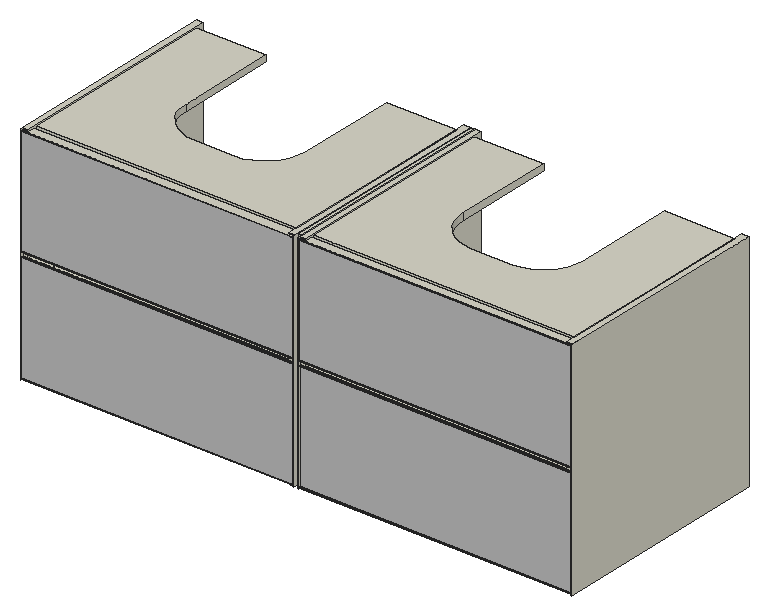
Revit family "vanity unit-hansgrohe-54197XXX-Xevolos E Vanity unit Sand Matt Beige 1370_550 with 4 drawers for consoles with 2 countertop basins ground", category Furniture, Revit 2019
Family settings
  OmniClass Number = 23.40.00.00
  OmniClass Title = Equipment and Furnishings
  Work Plane-Based = No
  Always vertical = Yes
  Cut with Voids When Loaded = No
  Shared = Yes
  Room Calculation Point = No
Parameters (values of type "54197790-SAND_MATT_BEIGE-METALLIC_SAND_BEIGE-400")
  etim7_EC011381 = "EC011381"
  WEIGHT = "80.8"
  UNSPSC = "56 | Furniture and Furnishings"
  UNIFORMATII = "E2010 | Fixed Furnishings"
  UNICLASS_2015_CODE = "40_30_78_05"
  UNICLASS2015 = "Pr_40_30_78_05 | Bathroom furniture"
  SURFACE = "METALLIC_SAND_BEIGE"
  REGION = "Worldwide"
  PRODUCTURL = "https://pro.hansgrohe.com/articledetail--54197790"
  PERMALINK = "54197XXX"
  OMNICLASS = "23-21 19 15 33 13 | Residential Bathroom Specialty Casework"
  OBJECTTYPE = "Object (single object)"
  OBERFLAECHE = "SAND_MATT_BEIGE"
  NN = "Vanity unit with 4 drawers for consoles with 2 countertop basins ground"
  NBSYN = "$ARTNR.-$OBERFLAECHE.-$SURFACE.-$LODLEVEL."
  NB = "54197790-SAND_MATT_BEIGE-METALLIC_SAND_BEIGE-400"
  NAME = "Xevolos E Vanity unit Sand Matt Beige 1370/550 with 4 drawers for consoles with 2 countertop basins ground"
  Model = "54197790-SAND_MATT_BEIGE-METALLIC_SAND_BEIGE-400"
  Manufacturer = "Hansgrohe"
  MIdent = "{$CADENAS_DATA/23d-libs/hansgrohe/xevolos_furniture/e_vanity_unit_4drawers_consoles_2countertop_basin/vanity_unit_4drawers_consoles_2countertopbasin.prj},309 {VTYP=3D},{NB=54197790-SAND_MATT_BEIGE-METALLIC_SAND_BEIGE-400},{LINA=54197790-SAND_MATT_BEIGE-METALLIC_SAND_BEIGE-400},{NN=Vanity unit with 4 drawers for consoles with 2 countertop basins ground},{DATE=13.03.2023 11:55:27},{GEOMDATE=12.03.2023 06:39:00},{VERSION=},{LINEID=60},{WBVAR=LODLEVEL},{WBNUMERIC=}  {NB=54197790-SAND_MATT_BEIGE-METALLIC_SAND_BEIGE-400},{LINA=54197790-SAND_MATT_BEIGE-METALLIC_SAND_BEIGE-400},{KT=DUMMY},{IDNR=6},{ARTNR=54197790},{BASENUMBER=54197},{MODEL=54197XXX},{OBERFLAECHE=SAND_MATT_BEIGE},{SURFACE=METALLIC_SAND_BEIGE},{L=1370},{LODLEVEL=400},{LODLEVELX='400','400','200','200'},{NAME=Xevolos E Vanity unit Sand Matt Beige 1370/550 with 4 drawers for consoles with 2 countertop basins ground},{PERMALINK=54197XXX},{OBJECTTYPE=Object (single object)},{BIMOBJECT=Sanitary: Compound units},{COLLECTIONSET=Xevolos E},{COLLECTION=vanity unit},{WEIGHT=80.8},{DESCRIPTION=Xevolos E Vanity unit Sand Matt Beige 1370/550 with 4 drawers for consoles with 2 countertop basins ground},{PRODUCTURL=https://pro.hansgrohe.com/articledetail--54197790},{GTINCODE=0},{TENDERURL=0},{IFC=Furnishing element},{ETIM=EC011381 | Bathroom furniture set},{UNICLASS2015=Pr_40_30_78_05 | Bathroom furniture},{OMNICLASS=23-21 19 15 33 13 | Residential Bathroom Specialty Casework},{MASTERFORMAT=12 35 30.23 | Bathroom Casework},{UNSPSC=56 | Furniture and Furnishings},{UNIFORMATII=E2010 | Fixed Furnishings},{REGION=Worldwide},{DESIGN=Germany},{MANUFACTURER=Germany}"
  MASTERFORMAT = "12 35 30.23 | Bathroom Casework"
  LODLEVEL = "400"
  LINA = "54197790-SAND_MATT_BEIGE-METALLIC_SAND_BEIGE-400"
  L = 1370
  IFC = "Furnishing element"
  IDNR = 6
  ETIM = "EC011381 | Bathroom furniture set"
  DESIGN = "Germany"
  COLLECTIONSET = "Xevolos E"
  COLLECTION = "vanity unit"
  CATALOG = "Hansgrohe"
  BIMOBJECT = "Sanitary: Compound units"
  BASENUMBER = "54197"
  ARTNR = "54197790"
  54197790-SAND_MATT_BEIGE-METALLIC_SAND_BEIGE-400_RX0RY0RZ0TX0TY0TZ0_V = yes
  54197790-SAND_MATT_BEIGE-METALLIC_SAND_BEIGE-200_RX0RY0RZ0TX0TY0TZ0_V = no
  54197730-SAND_MATT_BEIGE-DARK_OAK-400_RX0RY0RZ0TX0TY0TZ0_V = no
  54197730-SAND_MATT_BEIGE-DARK_OAK-200_RX0RY0RZ0TX0TY0TZ0_V = no
  54197390-SAND_MATT_BEIGE-PATTEREND_BRONZE-400_RX0RY0RZ0TX0TY0TZ0_V = no
  54197390-SAND_MATT_BEIGE-PATTEREND_BRONZE-200_RX0RY0RZ0TX0TY0TZ0_V = no
Reference planes
  plane 1 "Center (Front/Back)": y = 0
  plane 2: z = 0
  plane 3 "Center (Left/Right)": x = 0
Dimensions and locks
  aligned and locked: level to plane 2
Nested families
  nested 1: "54197390-sand_matt_beige-patterend_bronze-200_content" at (0, 0, 0), visible <- "54197390-SAND_MATT_BEIGE-PATTEREND_BRONZE-200_RX0RY0RZ0TX0TY0TZ0_V", ContentVisible <- "54197390-SAND_MATT_BEIGE-PATTEREND_BRONZE-200_RX0RY0RZ0TX0TY0TZ0_V", type "54197390-SAND_MATT_BEIGE-PATTEREND_BRONZE-200_Content"
    with ContentVisible no
  nested 2: "54197390-sand_matt_beige-patterend_bronze-400_content" at (0, 0, 0), visible <- "54197390-SAND_MATT_BEIGE-PATTEREND_BRONZE-400_RX0RY0RZ0TX0TY0TZ0_V", ContentVisible <- "54197390-SAND_MATT_BEIGE-PATTEREND_BRONZE-400_RX0RY0RZ0TX0TY0TZ0_V", type "54197390-SAND_MATT_BEIGE-PATTEREND_BRONZE-400_Content"
    with ContentVisible no
  nested 3: "54197730-sand_matt_beige-dark_oak-200_content" at (0, 0, 0), visible <- "54197730-SAND_MATT_BEIGE-DARK_OAK-200_RX0RY0RZ0TX0TY0TZ0_V", ContentVisible <- "54197730-SAND_MATT_BEIGE-DARK_OAK-200_RX0RY0RZ0TX0TY0TZ0_V", type "54197730-SAND_MATT_BEIGE-DARK_OAK-200_Content"
    with ContentVisible no
  nested 4: "54197730-sand_matt_beige-dark_oak-400_content" at (0, 0, 0), visible <- "54197730-SAND_MATT_BEIGE-DARK_OAK-400_RX0RY0RZ0TX0TY0TZ0_V", ContentVisible <- "54197730-SAND_MATT_BEIGE-DARK_OAK-400_RX0RY0RZ0TX0TY0TZ0_V", type "54197730-SAND_MATT_BEIGE-DARK_OAK-400_Content"
    with ContentVisible no
  nested 5: "54197790-sand_matt_beige-metallic_sand_beige-200_content" at (0, 0, 0), visible <- "54197790-SAND_MATT_BEIGE-METALLIC_SAND_BEIGE-200_RX0RY0RZ0TX0TY0TZ0_V", ContentVisible <- "54197790-SAND_MATT_BEIGE-METALLIC_SAND_BEIGE-200_RX0RY0RZ0TX0TY0TZ0_V", type "54197790-SAND_MATT_BEIGE-METALLIC_SAND_BEIGE-200_Content"
    with ContentVisible no
  nested 6: "54197790-sand_matt_beige-metallic_sand_beige-400_content" at (0, 0, 0), visible <- "54197790-SAND_MATT_BEIGE-METALLIC_SAND_BEIGE-400_RX0RY0RZ0TX0TY0TZ0_V", ContentVisible <- "54197790-SAND_MATT_BEIGE-METALLIC_SAND_BEIGE-400_RX0RY0RZ0TX0TY0TZ0_V", type "54197790-SAND_MATT_BEIGE-METALLIC_SAND_BEIGE-400_Content"
    with ContentVisible yes
Definition of nested family "54197790-sand_matt_beige-metallic_sand_beige-400_content"
  Parameters (values of type "54197790-SAND_MATT_BEIGE-METALLIC_SAND_BEIGE-400_Content")
    etim7_EC011381 = "EC011381"
    WEIGHT = "80.8"
    UNSPSC = "56 | Furniture and Furnishings"
    UNIFORMATII = "E2010 | Fixed Furnishings"
    UNICLASS_2015_CODE = "40_30_78_05"
    UNICLASS2015 = "Pr_40_30_78_05 | Bathroom furniture"
    SURFACE = "METALLIC_SAND_BEIGE"
    REGION = "Worldwide"
    PRODUCTURL = "https://pro.hansgrohe.com/articledetail--54197790"
    PERMALINK = "54197XXX"
    OMNICLASS = "23-21 19 15 33 13 | Residential Bathroom Specialty Casework"
    OBJECTTYPE = "Object (single object)"
    OBERFLAECHE = "SAND_MATT_BEIGE"
    NN = "Vanity unit with 4 drawers for consoles with 2 countertop basins ground"
    NBSYN = "$ARTNR.-$OBERFLAECHE.-$SURFACE.-$LODLEVEL."
    NB = "54197790-SAND_MATT_BEIGE-METALLIC_SAND_BEIGE-400"
    NAME = "Xevolos E Vanity unit Sand Matt Beige 1370/550 with 4 drawers for consoles with 2 countertop basins ground"
    Model = "54197790-SAND_MATT_BEIGE-METALLIC_SAND_BEIGE-400"
    Manufacturer = "Hansgrohe"
    MASTERFORMAT = "12 35 30.23 | Bathroom Casework"
    LODLEVEL = "400"
    LINA = "54197790-SAND_MATT_BEIGE-METALLIC_SAND_BEIGE-400"
    L = 1370
    IFC = "Furnishing element"
    IDNR = 6
    ETIM = "EC011381 | Bathroom furniture set"
    Default Elevation = 1219.2 mm
    DESIGN = "Germany"
    ContentVisible [instance] = yes
    COLLECTIONSET = "Xevolos E"
    COLLECTION = "vanity unit"
    CATALOG = "Hansgrohe"
    BIMOBJECT = "Sanitary: Compound units"
    BASENUMBER = "54197"
    ARTNR = "54197790"
  Reference planes
    plane 1 "Center (Front/Back)": y = 0
    plane 2: z = 0
    plane 3 "Center (Left/Right)": x = 0
  Forms (mm)
    Extrusion 1, solid, visible <- "ContentVisible", detail levels medium+fine
      sketch origin (0, 0, 0) x (1, 0, 0) y (0, 1, 0)
        loop
          line (-685, 0) -> (-685, -548.3) -> (-683, -548.3) -> (-683, -544.3) -> (-669, -544.3) -> (-669, 0) -> (-685, 0)
      from 0 to 558
    Extrusion 2, solid, visible <- "ContentVisible", detail levels medium+fine
      sketch origin (0, 0, 0) x (1, 0, 0) y (0, 1, 0)
        loop
          line (-669, -131.5) -> (-669, -498) -> (669, -498) -> (669, -131.5) -> (-669, -131.5)
      from 0 to 16
    Extrusion 3, solid, visible <- "ContentVisible", detail levels medium+fine
      sketch origin (0, 0, 0) x (1, 0, 0) y (0, 1, 0)
        loop
          line (669, 0) -> (669, -544.3) -> (683, -544.3) -> (683, -548.3) -> (685, -548.3) -> (685, 0) -> (669, 0)
      from 0 to 558
    Extrusion 4, solid, visible <- "ContentVisible", detail levels medium+fine
      sketch origin (0, 0, 0.5) x (1, 0, 0) y (0, 1, 0)
        loop
          line (-669, -115.5) -> (-669, -131.5) -> (669, -131.5) -> (669, -115.5) -> (-669, -115.5)
      from 0 to 126
    Extrusion 5, solid, visible <- "ContentVisible", detail levels medium+fine
      sketch origin (0, 0, 0) x (1, 0, 0) y (0, 1, 0)
        loop
          line (-5, -536) -> (5, -536) -> (5, 0) -> (-5, 0) -> (-5, -536)
      from 0 to 558
    Extrusion 6, solid, visible <- "ContentVisible", detail levels medium+fine
      sketch origin (0, 0, 0) x (1, 0, 0) y (0, 1, 0)
        loop
          line (-21, 0) -> (-21, -544.3) -> (-7, -544.3) -> (-7, -548.3) -> (-5, -548.3) -> (-5, 0) -> (-21, 0)
      from 0 to 558
    Extrusion 7, solid, visible <- "ContentVisible", detail levels medium+fine
      sketch origin (0, 0, 0) x (1, 0, 0) y (0, 1, 0)
        loop
          line (5, 0) -> (5, -548.3) -> (7, -548.3) -> (7, -544.3) -> (21, -544.3) -> (21, 0) -> (5, 0)
      from 0 to 558
    Extrusion 8, solid, visible <- "ContentVisible", detail levels medium+fine
      sketch origin (0, 0, 2) x (1, 0, 0) y (0, 1, 0)
        loop
          line (-683, -527) -> (-683, -548.3) -> (-7, -548.3) -> (-7, -527) -> (-683, -527)
      from 0 to 2
    Extrusion 9, solid, visible <- "ContentVisible", detail levels medium+fine
      sketch origin (0, 0, 2) x (1, 0, 0) y (0, 1, 0)
        loop
          line (7, -548.3) -> (683, -548.3) -> (683, -527) -> (7, -527) -> (7, -548.3)
      from 0 to 2
    Extrusion 10, solid, visible <- "ContentVisible", detail levels medium+fine
      sketch origin (0, 0, 556) x (1, 0, 0) y (0, 1, 0)
        loop
          line (-683, -527) -> (-683, -548.3) -> (-7, -548.3) -> (-7, -527) -> (-683, -527)
      from -2 to 0
    Extrusion 11, solid, visible <- "ContentVisible", detail levels medium+fine
      sketch origin (0, 0, 556) x (1, 0, 0) y (0, 1, 0)
        loop
          line (7, -548.3) -> (683, -548.3) -> (683, -527) -> (7, -527) -> (7, -548.3)
      from -2 to 0
    Extrusion 12, solid, visible <- "ContentVisible", detail levels medium+fine
      sketch origin (0, -544.3, 0) x (1, 0, 0) y (0, 0, -1)
        loop
          line (-683, -272.5) -> (-7, -272.5) -> (-7, -4) -> (-683, -4) -> (-683, -272.5)
      from -4 to 0
    Extrusion 13, solid, visible <- "ContentVisible", detail levels medium+fine
      sketch origin (0, -544.3, 0) x (1, 0, 0) y (0, 0, -1)
        loop
          line (7, -272.5) -> (683, -272.5) -> (683, -4) -> (7, -4) -> (7, -272.5)
      from -2 to 0
    Extrusion 14, solid, visible <- "ContentVisible", detail levels medium+fine
      sketch origin (0, -544.3, 0) x (1, 0, 0) y (0, 0, -1)
        loop
          line (-683, -554) -> (-7, -554) -> (-7, -285.5) -> (-683, -285.5) -> (-683, -554)
      from -4 to 0
    Extrusion 15, solid, visible <- "ContentVisible", detail levels medium+fine
      sketch origin (0, -544.3, 0) x (1, 0, 0) y (0, 0, -1)
        loop
          line (7, -554) -> (683, -554) -> (683, -285.5) -> (7, -285.5) -> (7, -554)
      from -4 to 0
    Extrusion 16, solid, visible <- "ContentVisible", detail levels medium+fine
      sketch origin (0, 0, 272.5) x (1, 0, 0) y (0, 1, 0)
        loop
          line (-683, -527) -> (-683, -548.3) -> (-7, -548.3) -> (-7, -527) -> (-683, -527)
      from 0 to 2
    Extrusion 17, solid, visible <- "ContentVisible", detail levels medium+fine
      sketch origin (0, 0, 272.5) x (1, 0, 0) y (0, 1, 0)
        loop
          line (7, -548.3) -> (683, -548.3) -> (683, -527) -> (7, -527) -> (7, -548.3)
      from 0 to 2
    Extrusion 18, solid, visible <- "ContentVisible", detail levels medium+fine
      sketch origin (0, 0, 285.5) x (1, 0, 0) y (0, 1, 0)
        loop
          line (-683, -527) -> (-683, -548.3) -> (-7, -548.3) -> (-7, -527) -> (-683, -527)
      from -2 to 0
    Extrusion 19, solid, visible <- "ContentVisible", detail levels medium+fine
      sketch origin (0, 0, 285.5) x (1, 0, 0) y (0, 1, 0)
        loop
          line (7, -548.3) -> (683, -548.3) -> (683, -527) -> (7, -527) -> (7, -548.3)
      from -2 to 0
    Extrusion 20, solid, visible <- "ContentVisible", detail levels medium+fine
      sketch origin (0, -544.3, 0) x (1, 0, 0) y (0, 0, -1)
        loop
          line (-683, -274.5) -> (-7, -274.5) -> (-7, -4.5) -> (-683, -4.5) -> (-683, -274.5)
        loop
          line (-609, -80.5) -> (-609, -272.5) -> (-81, -272.5) -> (-81, -80.5) -> (-609, -80.5)
      from 0 to 17
    Extrusion 21, solid, visible <- "ContentVisible", detail levels medium+fine
      sketch origin (0, -544.3, 0) x (1, 0, 0) y (0, 0, -1)
        loop
          line (7, -274.5) -> (683, -274.5) -> (683, -4.5) -> (7, -4.5) -> (7, -274.5)
        loop
          line (81, -80.5) -> (81, -272.5) -> (609, -272.5) -> (609, -80.5) -> (81, -80.5)
      from 0 to 17
    Extrusion 22, solid, visible <- "ContentVisible", detail levels medium+fine
      sketch origin (0, -544.3, 0) x (1, 0, 0) y (0, 0, -1)
        loop
          line (-683, -553.5) -> (-607, -553.5) -> (-607, -361.5) -> (-83, -361.5) -> (-83, -553.5) -> (-7, -553.5) -> (-7, -285.5) -> (-683, -285.5) -> (-683, -553.5)
      from 0 to 17
    Extrusion 23, solid, visible <- "ContentVisible", detail levels medium+fine
      sketch origin (0, -544.3, 0) x (1, 0, 0) y (0, 0, -1)
        loop
          line (7, -285.5) -> (7, -553.5) -> (83, -553.5) -> (83, -361.5) -> (607, -361.5) -> (607, -553.5) -> (683, -553.5) -> (683, -285.5) -> (7, -285.5)
      from 0 to 17
    Extrusion 24, solid, visible <- "ContentVisible", detail levels medium+fine
      sketch origin (0, 0, 0) x (0, 0, -1) y (0, 1, 0)
        loop
          line (-285, -395.5) -> (-285, -520) -> (-269, -520) -> (-269, -395.5) -> (-285, -395.5)
      from -669 to 669
    Extrusion 25, solid, visible <- "ContentVisible", detail levels medium+fine
      sketch origin (0, 0, 557.5) x (1, 0, 0) y (0, 1, 0)
        loop
          line (-669, -521.5) -> (-21, -521.5) -> (-21, -23) -> (-195, -23) -> (-195, -273)
          arc (-195, -273) -> (-224.289, -343.711) -> (-295, -373) r 100
          line (-295, -373) -> (-395, -373)
          arc (-395, -373) -> (-465.711, -343.711) -> (-495, -273) r 100
          line (-495, -273) -> (-495, -23) -> (-669, -23) -> (-669, -521.5)
      from -16 to 0
    Extrusion 26, solid, visible <- "ContentVisible", detail levels medium+fine
      sketch origin (0, 0, 557.5) x (1, 0, 0) y (0, 1, 0)
        loop
          line (21, -23) -> (21, -521.5) -> (669, -521.5) -> (669, -23) -> (495, -23) -> (495, -273)
          arc (495, -273) -> (465.711, -343.711) -> (395, -373) r 100
          line (395, -373) -> (295, -373)
          arc (295, -373) -> (224.289, -343.711) -> (195, -273) r 100
          line (195, -273) -> (195, -23) -> (21, -23)
      from -16 to 0
    Extrusion 27, solid, visible <- "ContentVisible", detail levels coarse
      sketch origin (0, -274.15, 0) x (1, 0, 0) y (0, 1, 0)
        loop
          line (-685, -274.15) -> (685, -274.15) -> (685, 274.15) -> (-685, 274.15) -> (-685, -274.15)
      from 0 to 558
  Dimensions and locks
    aligned and locked: level to plane 2
Definition of nested family "54197390-sand_matt_beige-patterend_bronze-200_content"
  Parameters (values of type "54197390-SAND_MATT_BEIGE-PATTEREND_BRONZE-200_Content")
    etim7_EC011381 = "EC011381"
    WEIGHT = "80.8"
    UNSPSC = "56 | Furniture and Furnishings"
    UNIFORMATII = "E2010 | Fixed Furnishings"
    UNICLASS_2015_CODE = "40_30_78_05"
    UNICLASS2015 = "Pr_40_30_78_05 | Bathroom furniture"
    SURFACE = "PATTEREND_BRONZE"
    REGION = "Worldwide"
    PRODUCTURL = "https://pro.hansgrohe.com/articledetail--54197790"
    PERMALINK = "54197XXX"
    OMNICLASS = "23-21 19 15 33 13 | Residential Bathroom Specialty Casework"
    OBJECTTYPE = "Object (single object)"
    OBERFLAECHE = "SAND_MATT_BEIGE"
    NN = "Vanity unit with 4 drawers for consoles with 2 countertop basins ground"
    NBSYN = "$ARTNR.-$OBERFLAECHE.-$SURFACE.-$LODLEVEL."
    NB = "54197390-SAND_MATT_BEIGE-PATTEREND_BRONZE-200"
    NAME = "Xevolos E Vanity unit Sand Matt Beige 1370/550 with 4 drawers for consoles with 2 countertop basins ground"
    Model = "54197390-SAND_MATT_BEIGE-PATTEREND_BRONZE-200"
    Manufacturer = "Hansgrohe"
    MASTERFORMAT = "12 35 30.23 | Bathroom Casework"
    LODLEVEL = "200"
    LINA = "54197390-SAND_MATT_BEIGE-PATTEREND_BRONZE-200"
    L = 1370
    IFC = "Furnishing element"
    IDNR = 4
    ETIM = "EC011381 | Bathroom furniture set"
    Default Elevation = 1219.2 mm
    DESIGN = "Germany"
    ContentVisible [instance] = yes
    COLLECTIONSET = "Xevolos E"
    COLLECTION = "vanity unit"
    CATALOG = "Hansgrohe"
    BIMOBJECT = "Sanitary: Compound units"
    BASENUMBER = "54197"
    ARTNR = "54197390"
  Reference planes
    plane 1 "Center (Front/Back)": y = 0
    plane 2: z = 0
    plane 3 "Center (Left/Right)": x = 0
  Forms (mm)
    Extrusion 1, solid, visible <- "ContentVisible", detail levels medium+fine
      sketch origin (0, 0, 0) x (1, 0, 0) y (0, 1, 0)
        loop
          line (-685, 0) -> (-685, -544.3) -> (685, -544.3) -> (685, 0) -> (-685, 0)
      from 0 to 558
    Extrusion 2, solid, visible <- "ContentVisible", detail levels medium+fine
      sketch origin (0, -544.3, 0) x (1, 0, 0) y (0, 0, -1)
        loop
          line (-685, -278) -> (-683, -278) -> (-683, -4) -> (683, -4) -> (683, -278) -> (685, -278) -> (685, -2) -> (-685, -2) -> (-685, -278)
      from -4 to 0
    Extrusion 3, solid, visible <- "ContentVisible", detail levels medium+fine
      sketch origin (0, -544.3, 0) x (1, 0, 0) y (0, 0, -1)
        loop
          line (-685, -278) -> (-685, -554) -> (685, -554) -> (685, -278) -> (683, -278) -> (683, -552) -> (-683, -552) -> (-683, -278) -> (-685, -278)
      from -4 to 0
    Extrusion 4, solid, visible <- "ContentVisible", detail levels medium+fine
      sketch origin (0, -544.3, 0) x (1, 0, 0) y (0, 0, -1)
        loop
          line (-683, -272.5) -> (-7, -272.5) -> (-7, -4) -> (-683, -4) -> (-683, -272.5)
      from -4 to 0
    Extrusion 5, solid, visible <- "ContentVisible", detail levels medium+fine
      sketch origin (0, -544.3, 0) x (1, 0, 0) y (0, 0, -1)
        loop
          line (7, -272.5) -> (683, -272.5) -> (683, -4) -> (7, -4) -> (7, -272.5)
      from -2 to 0
    Extrusion 6, solid, visible <- "ContentVisible", detail levels medium+fine
      sketch origin (0, -544.3, 0) x (1, 0, 0) y (0, 0, -1)
        loop
          line (-683, -554) -> (-7, -554) -> (-7, -285.5) -> (-683, -285.5) -> (-683, -554)
      from -4 to 0
    Extrusion 7, solid, visible <- "ContentVisible", detail levels medium+fine
      sketch origin (0, -544.3, 0) x (1, 0, 0) y (0, 0, -1)
        loop
          line (7, -554) -> (683, -554) -> (683, -285.5) -> (7, -285.5) -> (7, -554)
      from -4 to 0
    Extrusion 8, solid, visible <- "ContentVisible", detail levels medium+fine
      sketch origin (0, 0, 272.5) x (1, 0, 0) y (0, 1, 0)
        loop
          line (-683, -527) -> (-683, -548.3) -> (-7, -548.3) -> (-7, -527) -> (-683, -527)
      from 0 to 2
    Extrusion 9, solid, visible <- "ContentVisible", detail levels medium+fine
      sketch origin (0, 0, 272.5) x (1, 0, 0) y (0, 1, 0)
        loop
          line (7, -548.3) -> (683, -548.3) -> (683, -527) -> (7, -527) -> (7, -548.3)
      from 0 to 2
    Extrusion 10, solid, visible <- "ContentVisible", detail levels medium+fine
      sketch origin (0, 0, 285.5) x (1, 0, 0) y (0, 1, 0)
        loop
          line (-683, -527) -> (-683, -548.3) -> (-7, -548.3) -> (-7, -527) -> (-683, -527)
      from -2 to 0
    Extrusion 11, solid, visible <- "ContentVisible", detail levels medium+fine
      sketch origin (0, 0, 285.5) x (1, 0, 0) y (0, 1, 0)
        loop
          line (7, -548.3) -> (683, -548.3) -> (683, -527) -> (7, -527) -> (7, -548.3)
      from -2 to 0
    Extrusion 12, solid, visible <- "ContentVisible", detail levels medium+fine
      sketch origin (0, 0, 0) x (1, 0, 0) y (0, 1, 0)
        loop
          line (-7, -544.3) -> (-7, -548.3) -> (-5, -548.3) -> (-5, -544.3) -> (-7, -544.3)
      from 0 to 554
    Extrusion 13, solid, visible <- "ContentVisible", detail levels medium+fine
      sketch origin (0, 0, 0) x (1, 0, 0) y (0, 1, 0)
        loop
          line (5, -544.3) -> (5, -548.3) -> (7, -548.3) -> (7, -544.3) -> (5, -544.3)
      from 0 to 554
    Extrusion 14, solid, visible <- "ContentVisible", detail levels coarse
      sketch origin (0, -274.15, 0) x (1, 0, 0) y (0, 1, 0)
        loop
          line (-685, -274.15) -> (685, -274.15) -> (685, 274.15) -> (-685, 274.15) -> (-685, -274.15)
      from 0 to 558
  Dimensions and locks
    aligned and locked: level to plane 2
Definition of nested family "54197390-sand_matt_beige-patterend_bronze-400_content"
  Parameters (values of type "54197390-SAND_MATT_BEIGE-PATTEREND_BRONZE-400_Content")
    etim7_EC011381 = "EC011381"
    WEIGHT = "80.8"
    UNSPSC = "56 | Furniture and Furnishings"
    UNIFORMATII = "E2010 | Fixed Furnishings"
    UNICLASS_2015_CODE = "40_30_78_05"
    UNICLASS2015 = "Pr_40_30_78_05 | Bathroom furniture"
    SURFACE = "PATTEREND_BRONZE"
    REGION = "Worldwide"
    PRODUCTURL = "https://pro.hansgrohe.com/articledetail--54197790"
    PERMALINK = "54197XXX"
    OMNICLASS = "23-21 19 15 33 13 | Residential Bathroom Specialty Casework"
    OBJECTTYPE = "Object (single object)"
    OBERFLAECHE = "SAND_MATT_BEIGE"
    NN = "Vanity unit with 4 drawers for consoles with 2 countertop basins ground"
    NBSYN = "$ARTNR.-$OBERFLAECHE.-$SURFACE.-$LODLEVEL."
    NB = "54197390-SAND_MATT_BEIGE-PATTEREND_BRONZE-400"
    NAME = "Xevolos E Vanity unit Sand Matt Beige 1370/550 with 4 drawers for consoles with 2 countertop basins ground"
    Model = "54197390-SAND_MATT_BEIGE-PATTEREND_BRONZE-400"
    Manufacturer = "Hansgrohe"
    MASTERFORMAT = "12 35 30.23 | Bathroom Casework"
    LODLEVEL = "400"
    LINA = "54197390-SAND_MATT_BEIGE-PATTEREND_BRONZE-400"
    L = 1370
    IFC = "Furnishing element"
    IDNR = 4
    ETIM = "EC011381 | Bathroom furniture set"
    Default Elevation = 1219.2 mm
    DESIGN = "Germany"
    ContentVisible [instance] = yes
    COLLECTIONSET = "Xevolos E"
    COLLECTION = "vanity unit"
    CATALOG = "Hansgrohe"
    BIMOBJECT = "Sanitary: Compound units"
    BASENUMBER = "54197"
    ARTNR = "54197390"
  Reference planes
    plane 1 "Center (Front/Back)": y = 0
    plane 2: z = 0
    plane 3 "Center (Left/Right)": x = 0
  Forms (mm)
    Extrusion 1, solid, visible <- "ContentVisible", detail levels medium+fine
      sketch origin (0, 0, 0) x (1, 0, 0) y (0, 1, 0)
        loop
          line (-685, 0) -> (-685, -548.3) -> (-683, -548.3) -> (-683, -544.3) -> (-669, -544.3) -> (-669, 0) -> (-685, 0)
      from 0 to 558
    Extrusion 2, solid, visible <- "ContentVisible", detail levels medium+fine
      sketch origin (0, 0, 0) x (1, 0, 0) y (0, 1, 0)
        loop
          line (-669, -131.5) -> (-669, -498) -> (669, -498) -> (669, -131.5) -> (-669, -131.5)
      from 0 to 16
    Extrusion 3, solid, visible <- "ContentVisible", detail levels medium+fine
      sketch origin (0, 0, 0) x (1, 0, 0) y (0, 1, 0)
        loop
          line (669, 0) -> (669, -544.3) -> (683, -544.3) -> (683, -548.3) -> (685, -548.3) -> (685, 0) -> (669, 0)
      from 0 to 558
    Extrusion 4, solid, visible <- "ContentVisible", detail levels medium+fine
      sketch origin (0, 0, 0.5) x (1, 0, 0) y (0, 1, 0)
        loop
          line (-669, -115.5) -> (-669, -131.5) -> (669, -131.5) -> (669, -115.5) -> (-669, -115.5)
      from 0 to 126
    Extrusion 5, solid, visible <- "ContentVisible", detail levels medium+fine
      sketch origin (0, 0, 0) x (1, 0, 0) y (0, 1, 0)
        loop
          line (-5, -536) -> (5, -536) -> (5, 0) -> (-5, 0) -> (-5, -536)
      from 0 to 558
    Extrusion 6, solid, visible <- "ContentVisible", detail levels medium+fine
      sketch origin (0, 0, 0) x (1, 0, 0) y (0, 1, 0)
        loop
          line (-21, 0) -> (-21, -544.3) -> (-7, -544.3) -> (-7, -548.3) -> (-5, -548.3) -> (-5, 0) -> (-21, 0)
      from 0 to 558
    Extrusion 7, solid, visible <- "ContentVisible", detail levels medium+fine
      sketch origin (0, 0, 0) x (1, 0, 0) y (0, 1, 0)
        loop
          line (5, 0) -> (5, -548.3) -> (7, -548.3) -> (7, -544.3) -> (21, -544.3) -> (21, 0) -> (5, 0)
      from 0 to 558
    Extrusion 8, solid, visible <- "ContentVisible", detail levels medium+fine
      sketch origin (0, 0, 2) x (1, 0, 0) y (0, 1, 0)
        loop
          line (-683, -527) -> (-683, -548.3) -> (-7, -548.3) -> (-7, -527) -> (-683, -527)
      from 0 to 2
    Extrusion 9, solid, visible <- "ContentVisible", detail levels medium+fine
      sketch origin (0, 0, 2) x (1, 0, 0) y (0, 1, 0)
        loop
          line (7, -548.3) -> (683, -548.3) -> (683, -527) -> (7, -527) -> (7, -548.3)
      from 0 to 2
    Extrusion 10, solid, visible <- "ContentVisible", detail levels medium+fine
      sketch origin (0, 0, 556) x (1, 0, 0) y (0, 1, 0)
        loop
          line (-683, -527) -> (-683, -548.3) -> (-7, -548.3) -> (-7, -527) -> (-683, -527)
      from -2 to 0
    Extrusion 11, solid, visible <- "ContentVisible", detail levels medium+fine
      sketch origin (0, 0, 556) x (1, 0, 0) y (0, 1, 0)
        loop
          line (7, -548.3) -> (683, -548.3) -> (683, -527) -> (7, -527) -> (7, -548.3)
      from -2 to 0
    Extrusion 12, solid, visible <- "ContentVisible", detail levels medium+fine
      sketch origin (0, -544.3, 0) x (1, 0, 0) y (0, 0, -1)
        loop
          line (-683, -272.5) -> (-7, -272.5) -> (-7, -4) -> (-683, -4) -> (-683, -272.5)
      from -4 to 0
    Extrusion 13, solid, visible <- "ContentVisible", detail levels medium+fine
      sketch origin (0, -544.3, 0) x (1, 0, 0) y (0, 0, -1)
        loop
          line (7, -272.5) -> (683, -272.5) -> (683, -4) -> (7, -4) -> (7, -272.5)
      from -2 to 0
    Extrusion 14, solid, visible <- "ContentVisible", detail levels medium+fine
      sketch origin (0, -544.3, 0) x (1, 0, 0) y (0, 0, -1)
        loop
          line (-683, -554) -> (-7, -554) -> (-7, -285.5) -> (-683, -285.5) -> (-683, -554)
      from -4 to 0
    Extrusion 15, solid, visible <- "ContentVisible", detail levels medium+fine
      sketch origin (0, -544.3, 0) x (1, 0, 0) y (0, 0, -1)
        loop
          line (7, -554) -> (683, -554) -> (683, -285.5) -> (7, -285.5) -> (7, -554)
      from -4 to 0
    Extrusion 16, solid, visible <- "ContentVisible", detail levels medium+fine
      sketch origin (0, 0, 272.5) x (1, 0, 0) y (0, 1, 0)
        loop
          line (-683, -527) -> (-683, -548.3) -> (-7, -548.3) -> (-7, -527) -> (-683, -527)
      from 0 to 2
    Extrusion 17, solid, visible <- "ContentVisible", detail levels medium+fine
      sketch origin (0, 0, 272.5) x (1, 0, 0) y (0, 1, 0)
        loop
          line (7, -548.3) -> (683, -548.3) -> (683, -527) -> (7, -527) -> (7, -548.3)
      from 0 to 2
    Extrusion 18, solid, visible <- "ContentVisible", detail levels medium+fine
      sketch origin (0, 0, 285.5) x (1, 0, 0) y (0, 1, 0)
        loop
          line (-683, -527) -> (-683, -548.3) -> (-7, -548.3) -> (-7, -527) -> (-683, -527)
      from -2 to 0
    Extrusion 19, solid, visible <- "ContentVisible", detail levels medium+fine
      sketch origin (0, 0, 285.5) x (1, 0, 0) y (0, 1, 0)
        loop
          line (7, -548.3) -> (683, -548.3) -> (683, -527) -> (7, -527) -> (7, -548.3)
      from -2 to 0
    Extrusion 20, solid, visible <- "ContentVisible", detail levels medium+fine
      sketch origin (0, -544.3, 0) x (1, 0, 0) y (0, 0, -1)
        loop
          line (-683, -274.5) -> (-7, -274.5) -> (-7, -4.5) -> (-683, -4.5) -> (-683, -274.5)
        loop
          line (-609, -80.5) -> (-609, -272.5) -> (-81, -272.5) -> (-81, -80.5) -> (-609, -80.5)
      from 0 to 17
    Extrusion 21, solid, visible <- "ContentVisible", detail levels medium+fine
      sketch origin (0, -544.3, 0) x (1, 0, 0) y (0, 0, -1)
        loop
          line (7, -274.5) -> (683, -274.5) -> (683, -4.5) -> (7, -4.5) -> (7, -274.5)
        loop
          line (81, -80.5) -> (81, -272.5) -> (609, -272.5) -> (609, -80.5) -> (81, -80.5)
      from 0 to 17
    Extrusion 22, solid, visible <- "ContentVisible", detail levels medium+fine
      sketch origin (0, -544.3, 0) x (1, 0, 0) y (0, 0, -1)
        loop
          line (-683, -553.5) -> (-607, -553.5) -> (-607, -361.5) -> (-83, -361.5) -> (-83, -553.5) -> (-7, -553.5) -> (-7, -285.5) -> (-683, -285.5) -> (-683, -553.5)
      from 0 to 17
    Extrusion 23, solid, visible <- "ContentVisible", detail levels medium+fine
      sketch origin (0, -544.3, 0) x (1, 0, 0) y (0, 0, -1)
        loop
          line (7, -285.5) -> (7, -553.5) -> (83, -553.5) -> (83, -361.5) -> (607, -361.5) -> (607, -553.5) -> (683, -553.5) -> (683, -285.5) -> (7, -285.5)
      from 0 to 17
    Extrusion 24, solid, visible <- "ContentVisible", detail levels medium+fine
      sketch origin (0, 0, 0) x (0, 0, -1) y (0, 1, 0)
        loop
          line (-285, -395.5) -> (-285, -520) -> (-269, -520) -> (-269, -395.5) -> (-285, -395.5)
      from -669 to 669
    Extrusion 25, solid, visible <- "ContentVisible", detail levels medium+fine
      sketch origin (0, 0, 557.5) x (1, 0, 0) y (0, 1, 0)
        loop
          line (-669, -521.5) -> (-21, -521.5) -> (-21, -23) -> (-195, -23) -> (-195, -273)
          arc (-195, -273) -> (-224.289, -343.711) -> (-295, -373) r 100
          line (-295, -373) -> (-395, -373)
          arc (-395, -373) -> (-465.711, -343.711) -> (-495, -273) r 100
          line (-495, -273) -> (-495, -23) -> (-669, -23) -> (-669, -521.5)
      from -16 to 0
    Extrusion 26, solid, visible <- "ContentVisible", detail levels medium+fine
      sketch origin (0, 0, 557.5) x (1, 0, 0) y (0, 1, 0)
        loop
          line (21, -23) -> (21, -521.5) -> (669, -521.5) -> (669, -23) -> (495, -23) -> (495, -273)
          arc (495, -273) -> (465.711, -343.711) -> (395, -373) r 100
          line (395, -373) -> (295, -373)
          arc (295, -373) -> (224.289, -343.711) -> (195, -273) r 100
          line (195, -273) -> (195, -23) -> (21, -23)
      from -16 to 0
    Extrusion 27, solid, visible <- "ContentVisible", detail levels coarse
      sketch origin (0, -274.15, 0) x (1, 0, 0) y (0, 1, 0)
        loop
          line (-685, -274.15) -> (685, -274.15) -> (685, 274.15) -> (-685, 274.15) -> (-685, -274.15)
      from 0 to 558
  Dimensions and locks
    aligned and locked: level to plane 2
Definition of nested family "54197730-sand_matt_beige-dark_oak-200_content"
  Parameters (values of type "54197730-SAND_MATT_BEIGE-DARK_OAK-200_Content")
    etim7_EC011381 = "EC011381"
    WEIGHT = "80.8"
    UNSPSC = "56 | Furniture and Furnishings"
    UNIFORMATII = "E2010 | Fixed Furnishings"
    UNICLASS_2015_CODE = "40_30_78_05"
    UNICLASS2015 = "Pr_40_30_78_05 | Bathroom furniture"
    SURFACE = "DARK_OAK"
    REGION = "Worldwide"
    PRODUCTURL = "https://pro.hansgrohe.com/articledetail--54197790"
    PERMALINK = "54197XXX"
    OMNICLASS = "23-21 19 15 33 13 | Residential Bathroom Specialty Casework"
    OBJECTTYPE = "Object (single object)"
    OBERFLAECHE = "SAND_MATT_BEIGE"
    NN = "Vanity unit with 4 drawers for consoles with 2 countertop basins ground"
    NBSYN = "$ARTNR.-$OBERFLAECHE.-$SURFACE.-$LODLEVEL."
    NB = "54197730-SAND_MATT_BEIGE-DARK_OAK-200"
    NAME = "Xevolos E Vanity unit Sand Matt Beige 1370/550 with 4 drawers for consoles with 2 countertop basins ground"
    Model = "54197730-SAND_MATT_BEIGE-DARK_OAK-200"
    Manufacturer = "Hansgrohe"
    MASTERFORMAT = "12 35 30.23 | Bathroom Casework"
    LODLEVEL = "200"
    LINA = "54197730-SAND_MATT_BEIGE-DARK_OAK-200"
    L = 1370
    IFC = "Furnishing element"
    IDNR = 5
    ETIM = "EC011381 | Bathroom furniture set"
    Default Elevation = 1219.2 mm
    DESIGN = "Germany"
    ContentVisible [instance] = yes
    COLLECTIONSET = "Xevolos E"
    COLLECTION = "vanity unit"
    CATALOG = "Hansgrohe"
    BIMOBJECT = "Sanitary: Compound units"
    BASENUMBER = "54197"
    ARTNR = "54197730"
  Reference planes
    plane 1 "Center (Front/Back)": y = 0
    plane 2: z = 0
    plane 3 "Center (Left/Right)": x = 0
  Forms (mm)
    Extrusion 1, solid, visible <- "ContentVisible", detail levels medium+fine
      sketch origin (0, 0, 0) x (1, 0, 0) y (0, 1, 0)
        loop
          line (-685, 0) -> (-685, -544.3) -> (685, -544.3) -> (685, 0) -> (-685, 0)
      from 0 to 558
    Extrusion 2, solid, visible <- "ContentVisible", detail levels medium+fine
      sketch origin (0, -544.3, 0) x (1, 0, 0) y (0, 0, -1)
        loop
          line (-685, -278) -> (-683, -278) -> (-683, -4) -> (683, -4) -> (683, -278) -> (685, -278) -> (685, -2) -> (-685, -2) -> (-685, -278)
      from -4 to 0
    Extrusion 3, solid, visible <- "ContentVisible", detail levels medium+fine
      sketch origin (0, -544.3, 0) x (1, 0, 0) y (0, 0, -1)
        loop
          line (-685, -278) -> (-685, -554) -> (685, -554) -> (685, -278) -> (683, -278) -> (683, -552) -> (-683, -552) -> (-683, -278) -> (-685, -278)
      from -4 to 0
    Extrusion 4, solid, visible <- "ContentVisible", detail levels medium+fine
      sketch origin (0, -544.3, 0) x (1, 0, 0) y (0, 0, -1)
        loop
          line (-683, -272.5) -> (-7, -272.5) -> (-7, -4) -> (-683, -4) -> (-683, -272.5)
      from -4 to 0
    Extrusion 5, solid, visible <- "ContentVisible", detail levels medium+fine
      sketch origin (0, -544.3, 0) x (1, 0, 0) y (0, 0, -1)
        loop
          line (7, -272.5) -> (683, -272.5) -> (683, -4) -> (7, -4) -> (7, -272.5)
      from -2 to 0
    Extrusion 6, solid, visible <- "ContentVisible", detail levels medium+fine
      sketch origin (0, -544.3, 0) x (1, 0, 0) y (0, 0, -1)
        loop
          line (-683, -554) -> (-7, -554) -> (-7, -285.5) -> (-683, -285.5) -> (-683, -554)
      from -4 to 0
    Extrusion 7, solid, visible <- "ContentVisible", detail levels medium+fine
      sketch origin (0, -544.3, 0) x (1, 0, 0) y (0, 0, -1)
        loop
          line (7, -554) -> (683, -554) -> (683, -285.5) -> (7, -285.5) -> (7, -554)
      from -4 to 0
    Extrusion 8, solid, visible <- "ContentVisible", detail levels medium+fine
      sketch origin (0, 0, 272.5) x (1, 0, 0) y (0, 1, 0)
        loop
          line (-683, -527) -> (-683, -548.3) -> (-7, -548.3) -> (-7, -527) -> (-683, -527)
      from 0 to 2
    Extrusion 9, solid, visible <- "ContentVisible", detail levels medium+fine
      sketch origin (0, 0, 272.5) x (1, 0, 0) y (0, 1, 0)
        loop
          line (7, -548.3) -> (683, -548.3) -> (683, -527) -> (7, -527) -> (7, -548.3)
      from 0 to 2
    Extrusion 10, solid, visible <- "ContentVisible", detail levels medium+fine
      sketch origin (0, 0, 285.5) x (1, 0, 0) y (0, 1, 0)
        loop
          line (-683, -527) -> (-683, -548.3) -> (-7, -548.3) -> (-7, -527) -> (-683, -527)
      from -2 to 0
    Extrusion 11, solid, visible <- "ContentVisible", detail levels medium+fine
      sketch origin (0, 0, 285.5) x (1, 0, 0) y (0, 1, 0)
        loop
          line (7, -548.3) -> (683, -548.3) -> (683, -527) -> (7, -527) -> (7, -548.3)
      from -2 to 0
    Extrusion 12, solid, visible <- "ContentVisible", detail levels medium+fine
      sketch origin (0, 0, 0) x (1, 0, 0) y (0, 1, 0)
        loop
          line (-7, -544.3) -> (-7, -548.3) -> (-5, -548.3) -> (-5, -544.3) -> (-7, -544.3)
      from 0 to 554
    Extrusion 13, solid, visible <- "ContentVisible", detail levels medium+fine
      sketch origin (0, 0, 0) x (1, 0, 0) y (0, 1, 0)
        loop
          line (5, -544.3) -> (5, -548.3) -> (7, -548.3) -> (7, -544.3) -> (5, -544.3)
      from 0 to 554
    Extrusion 14, solid, visible <- "ContentVisible", detail levels coarse
      sketch origin (0, -274.15, 0) x (1, 0, 0) y (0, 1, 0)
        loop
          line (-685, -274.15) -> (685, -274.15) -> (685, 274.15) -> (-685, 274.15) -> (-685, -274.15)
      from 0 to 558
  Dimensions and locks
    aligned and locked: level to plane 2
Definition of nested family "54197730-sand_matt_beige-dark_oak-400_content"
  Parameters (values of type "54197730-SAND_MATT_BEIGE-DARK_OAK-400_Content")
    etim7_EC011381 = "EC011381"
    WEIGHT = "80.8"
    UNSPSC = "56 | Furniture and Furnishings"
    UNIFORMATII = "E2010 | Fixed Furnishings"
    UNICLASS_2015_CODE = "40_30_78_05"
    UNICLASS2015 = "Pr_40_30_78_05 | Bathroom furniture"
    SURFACE = "DARK_OAK"
    REGION = "Worldwide"
    PRODUCTURL = "https://pro.hansgrohe.com/articledetail--54197790"
    PERMALINK = "54197XXX"
    OMNICLASS = "23-21 19 15 33 13 | Residential Bathroom Specialty Casework"
    OBJECTTYPE = "Object (single object)"
    OBERFLAECHE = "SAND_MATT_BEIGE"
    NN = "Vanity unit with 4 drawers for consoles with 2 countertop basins ground"
    NBSYN = "$ARTNR.-$OBERFLAECHE.-$SURFACE.-$LODLEVEL."
    NB = "54197730-SAND_MATT_BEIGE-DARK_OAK-400"
    NAME = "Xevolos E Vanity unit Sand Matt Beige 1370/550 with 4 drawers for consoles with 2 countertop basins ground"
    Model = "54197730-SAND_MATT_BEIGE-DARK_OAK-400"
    Manufacturer = "Hansgrohe"
    MASTERFORMAT = "12 35 30.23 | Bathroom Casework"
    LODLEVEL = "400"
    LINA = "54197730-SAND_MATT_BEIGE-DARK_OAK-400"
    L = 1370
    IFC = "Furnishing element"
    IDNR = 5
    ETIM = "EC011381 | Bathroom furniture set"
    Default Elevation = 1219.2 mm
    DESIGN = "Germany"
    ContentVisible [instance] = yes
    COLLECTIONSET = "Xevolos E"
    COLLECTION = "vanity unit"
    CATALOG = "Hansgrohe"
    BIMOBJECT = "Sanitary: Compound units"
    BASENUMBER = "54197"
    ARTNR = "54197730"
  Reference planes
    plane 1 "Center (Front/Back)": y = 0
    plane 2: z = 0
    plane 3 "Center (Left/Right)": x = 0
  Forms (mm)
    Extrusion 1, solid, visible <- "ContentVisible", detail levels medium+fine
      sketch origin (0, 0, 0) x (1, 0, 0) y (0, 1, 0)
        loop
          line (-685, 0) -> (-685, -548.3) -> (-683, -548.3) -> (-683, -544.3) -> (-669, -544.3) -> (-669, 0) -> (-685, 0)
      from 0 to 558
    Extrusion 2, solid, visible <- "ContentVisible", detail levels medium+fine
      sketch origin (0, 0, 0) x (1, 0, 0) y (0, 1, 0)
        loop
          line (-669, -131.5) -> (-669, -498) -> (669, -498) -> (669, -131.5) -> (-669, -131.5)
      from 0 to 16
    Extrusion 3, solid, visible <- "ContentVisible", detail levels medium+fine
      sketch origin (0, 0, 0) x (1, 0, 0) y (0, 1, 0)
        loop
          line (669, 0) -> (669, -544.3) -> (683, -544.3) -> (683, -548.3) -> (685, -548.3) -> (685, 0) -> (669, 0)
      from 0 to 558
    Extrusion 4, solid, visible <- "ContentVisible", detail levels medium+fine
      sketch origin (0, 0, 0.5) x (1, 0, 0) y (0, 1, 0)
        loop
          line (-669, -115.5) -> (-669, -131.5) -> (669, -131.5) -> (669, -115.5) -> (-669, -115.5)
      from 0 to 126
    Extrusion 5, solid, visible <- "ContentVisible", detail levels medium+fine
      sketch origin (0, 0, 0) x (1, 0, 0) y (0, 1, 0)
        loop
          line (-5, -536) -> (5, -536) -> (5, 0) -> (-5, 0) -> (-5, -536)
      from 0 to 558
    Extrusion 6, solid, visible <- "ContentVisible", detail levels medium+fine
      sketch origin (0, 0, 0) x (1, 0, 0) y (0, 1, 0)
        loop
          line (-21, 0) -> (-21, -544.3) -> (-7, -544.3) -> (-7, -548.3) -> (-5, -548.3) -> (-5, 0) -> (-21, 0)
      from 0 to 558
    Extrusion 7, solid, visible <- "ContentVisible", detail levels medium+fine
      sketch origin (0, 0, 0) x (1, 0, 0) y (0, 1, 0)
        loop
          line (5, 0) -> (5, -548.3) -> (7, -548.3) -> (7, -544.3) -> (21, -544.3) -> (21, 0) -> (5, 0)
      from 0 to 558
    Extrusion 8, solid, visible <- "ContentVisible", detail levels medium+fine
      sketch origin (0, 0, 2) x (1, 0, 0) y (0, 1, 0)
        loop
          line (-683, -527) -> (-683, -548.3) -> (-7, -548.3) -> (-7, -527) -> (-683, -527)
      from 0 to 2
    Extrusion 9, solid, visible <- "ContentVisible", detail levels medium+fine
      sketch origin (0, 0, 2) x (1, 0, 0) y (0, 1, 0)
        loop
          line (7, -548.3) -> (683, -548.3) -> (683, -527) -> (7, -527) -> (7, -548.3)
      from 0 to 2
    Extrusion 10, solid, visible <- "ContentVisible", detail levels medium+fine
      sketch origin (0, 0, 556) x (1, 0, 0) y (0, 1, 0)
        loop
          line (-683, -527) -> (-683, -548.3) -> (-7, -548.3) -> (-7, -527) -> (-683, -527)
      from -2 to 0
    Extrusion 11, solid, visible <- "ContentVisible", detail levels medium+fine
      sketch origin (0, 0, 556) x (1, 0, 0) y (0, 1, 0)
        loop
          line (7, -548.3) -> (683, -548.3) -> (683, -527) -> (7, -527) -> (7, -548.3)
      from -2 to 0
    Extrusion 12, solid, visible <- "ContentVisible", detail levels medium+fine
      sketch origin (0, -544.3, 0) x (1, 0, 0) y (0, 0, -1)
        loop
          line (-683, -272.5) -> (-7, -272.5) -> (-7, -4) -> (-683, -4) -> (-683, -272.5)
      from -4 to 0
    Extrusion 13, solid, visible <- "ContentVisible", detail levels medium+fine
      sketch origin (0, -544.3, 0) x (1, 0, 0) y (0, 0, -1)
        loop
          line (7, -272.5) -> (683, -272.5) -> (683, -4) -> (7, -4) -> (7, -272.5)
      from -2 to 0
    Extrusion 14, solid, visible <- "ContentVisible", detail levels medium+fine
      sketch origin (0, -544.3, 0) x (1, 0, 0) y (0, 0, -1)
        loop
          line (-683, -554) -> (-7, -554) -> (-7, -285.5) -> (-683, -285.5) -> (-683, -554)
      from -4 to 0
    Extrusion 15, solid, visible <- "ContentVisible", detail levels medium+fine
      sketch origin (0, -544.3, 0) x (1, 0, 0) y (0, 0, -1)
        loop
          line (7, -554) -> (683, -554) -> (683, -285.5) -> (7, -285.5) -> (7, -554)
      from -4 to 0
    Extrusion 16, solid, visible <- "ContentVisible", detail levels medium+fine
      sketch origin (0, 0, 272.5) x (1, 0, 0) y (0, 1, 0)
        loop
          line (-683, -527) -> (-683, -548.3) -> (-7, -548.3) -> (-7, -527) -> (-683, -527)
      from 0 to 2
    Extrusion 17, solid, visible <- "ContentVisible", detail levels medium+fine
      sketch origin (0, 0, 272.5) x (1, 0, 0) y (0, 1, 0)
        loop
          line (7, -548.3) -> (683, -548.3) -> (683, -527) -> (7, -527) -> (7, -548.3)
      from 0 to 2
    Extrusion 18, solid, visible <- "ContentVisible", detail levels medium+fine
      sketch origin (0, 0, 285.5) x (1, 0, 0) y (0, 1, 0)
        loop
          line (-683, -527) -> (-683, -548.3) -> (-7, -548.3) -> (-7, -527) -> (-683, -527)
      from -2 to 0
    Extrusion 19, solid, visible <- "ContentVisible", detail levels medium+fine
      sketch origin (0, 0, 285.5) x (1, 0, 0) y (0, 1, 0)
        loop
          line (7, -548.3) -> (683, -548.3) -> (683, -527) -> (7, -527) -> (7, -548.3)
      from -2 to 0
    Extrusion 20, solid, visible <- "ContentVisible", detail levels medium+fine
      sketch origin (0, -544.3, 0) x (1, 0, 0) y (0, 0, -1)
        loop
          line (-683, -274.5) -> (-7, -274.5) -> (-7, -4.5) -> (-683, -4.5) -> (-683, -274.5)
        loop
          line (-609, -80.5) -> (-609, -272.5) -> (-81, -272.5) -> (-81, -80.5) -> (-609, -80.5)
      from 0 to 17
    Extrusion 21, solid, visible <- "ContentVisible", detail levels medium+fine
      sketch origin (0, -544.3, 0) x (1, 0, 0) y (0, 0, -1)
        loop
          line (7, -274.5) -> (683, -274.5) -> (683, -4.5) -> (7, -4.5) -> (7, -274.5)
        loop
          line (81, -80.5) -> (81, -272.5) -> (609, -272.5) -> (609, -80.5) -> (81, -80.5)
      from 0 to 17
    Extrusion 22, solid, visible <- "ContentVisible", detail levels medium+fine
      sketch origin (0, -544.3, 0) x (1, 0, 0) y (0, 0, -1)
        loop
          line (-683, -553.5) -> (-607, -553.5) -> (-607, -361.5) -> (-83, -361.5) -> (-83, -553.5) -> (-7, -553.5) -> (-7, -285.5) -> (-683, -285.5) -> (-683, -553.5)
      from 0 to 17
    Extrusion 23, solid, visible <- "ContentVisible", detail levels medium+fine
      sketch origin (0, -544.3, 0) x (1, 0, 0) y (0, 0, -1)
        loop
          line (7, -285.5) -> (7, -553.5) -> (83, -553.5) -> (83, -361.5) -> (607, -361.5) -> (607, -553.5) -> (683, -553.5) -> (683, -285.5) -> (7, -285.5)
      from 0 to 17
    Extrusion 24, solid, visible <- "ContentVisible", detail levels medium+fine
      sketch origin (0, 0, 0) x (0, 0, -1) y (0, 1, 0)
        loop
          line (-285, -395.5) -> (-285, -520) -> (-269, -520) -> (-269, -395.5) -> (-285, -395.5)
      from -669 to 669
    Extrusion 25, solid, visible <- "ContentVisible", detail levels medium+fine
      sketch origin (0, 0, 557.5) x (1, 0, 0) y (0, 1, 0)
        loop
          line (-669, -521.5) -> (-21, -521.5) -> (-21, -23) -> (-195, -23) -> (-195, -273)
          arc (-195, -273) -> (-224.289, -343.711) -> (-295, -373) r 100
          line (-295, -373) -> (-395, -373)
          arc (-395, -373) -> (-465.711, -343.711) -> (-495, -273) r 100
          line (-495, -273) -> (-495, -23) -> (-669, -23) -> (-669, -521.5)
      from -16 to 0
    Extrusion 26, solid, visible <- "ContentVisible", detail levels medium+fine
      sketch origin (0, 0, 557.5) x (1, 0, 0) y (0, 1, 0)
        loop
          line (21, -23) -> (21, -521.5) -> (669, -521.5) -> (669, -23) -> (495, -23) -> (495, -273)
          arc (495, -273) -> (465.711, -343.711) -> (395, -373) r 100
          line (395, -373) -> (295, -373)
          arc (295, -373) -> (224.289, -343.711) -> (195, -273) r 100
          line (195, -273) -> (195, -23) -> (21, -23)
      from -16 to 0
    Extrusion 27, solid, visible <- "ContentVisible", detail levels coarse
      sketch origin (0, -274.15, 0) x (1, 0, 0) y (0, 1, 0)
        loop
          line (-685, -274.15) -> (685, -274.15) -> (685, 274.15) -> (-685, 274.15) -> (-685, -274.15)
      from 0 to 558
  Dimensions and locks
    aligned and locked: level to plane 2
Definition of nested family "54197790-sand_matt_beige-metallic_sand_beige-200_content"
  Parameters (values of type "54197790-SAND_MATT_BEIGE-METALLIC_SAND_BEIGE-200_Content")
    etim7_EC011381 = "EC011381"
    WEIGHT = "80.8"
    UNSPSC = "56 | Furniture and Furnishings"
    UNIFORMATII = "E2010 | Fixed Furnishings"
    UNICLASS_2015_CODE = "40_30_78_05"
    UNICLASS2015 = "Pr_40_30_78_05 | Bathroom furniture"
    SURFACE = "METALLIC_SAND_BEIGE"
    REGION = "Worldwide"
    PRODUCTURL = "https://pro.hansgrohe.com/articledetail--54197790"
    PERMALINK = "54197XXX"
    OMNICLASS = "23-21 19 15 33 13 | Residential Bathroom Specialty Casework"
    OBJECTTYPE = "Object (single object)"
    OBERFLAECHE = "SAND_MATT_BEIGE"
    NN = "Vanity unit with 4 drawers for consoles with 2 countertop basins ground"
    NBSYN = "$ARTNR.-$OBERFLAECHE.-$SURFACE.-$LODLEVEL."
    NB = "54197790-SAND_MATT_BEIGE-METALLIC_SAND_BEIGE-200"
    NAME = "Xevolos E Vanity unit Sand Matt Beige 1370/550 with 4 drawers for consoles with 2 countertop basins ground"
    Model = "54197790-SAND_MATT_BEIGE-METALLIC_SAND_BEIGE-200"
    Manufacturer = "Hansgrohe"
    MASTERFORMAT = "12 35 30.23 | Bathroom Casework"
    LODLEVEL = "200"
    LINA = "54197790-SAND_MATT_BEIGE-METALLIC_SAND_BEIGE-200"
    L = 1370
    IFC = "Furnishing element"
    IDNR = 6
    ETIM = "EC011381 | Bathroom furniture set"
    Default Elevation = 1219.2 mm
    DESIGN = "Germany"
    ContentVisible [instance] = yes
    COLLECTIONSET = "Xevolos E"
    COLLECTION = "vanity unit"
    CATALOG = "Hansgrohe"
    BIMOBJECT = "Sanitary: Compound units"
    BASENUMBER = "54197"
    ARTNR = "54197790"
  Reference planes
    plane 1 "Center (Front/Back)": y = 0
    plane 2: z = 0
    plane 3 "Center (Left/Right)": x = 0
  Forms (mm)
    Extrusion 1, solid, visible <- "ContentVisible", detail levels medium+fine
      sketch origin (0, 0, 0) x (1, 0, 0) y (0, 1, 0)
        loop
          line (-685, 0) -> (-685, -544.3) -> (685, -544.3) -> (685, 0) -> (-685, 0)
      from 0 to 558
    Extrusion 2, solid, visible <- "ContentVisible", detail levels medium+fine
      sketch origin (0, -544.3, 0) x (1, 0, 0) y (0, 0, -1)
        loop
          line (-685, -278) -> (-683, -278) -> (-683, -4) -> (683, -4) -> (683, -278) -> (685, -278) -> (685, -2) -> (-685, -2) -> (-685, -278)
      from -4 to 0
    Extrusion 3, solid, visible <- "ContentVisible", detail levels medium+fine
      sketch origin (0, -544.3, 0) x (1, 0, 0) y (0, 0, -1)
        loop
          line (-685, -278) -> (-685, -554) -> (685, -554) -> (685, -278) -> (683, -278) -> (683, -552) -> (-683, -552) -> (-683, -278) -> (-685, -278)
      from -4 to 0
    Extrusion 4, solid, visible <- "ContentVisible", detail levels medium+fine
      sketch origin (0, -544.3, 0) x (1, 0, 0) y (0, 0, -1)
        loop
          line (-683, -272.5) -> (-7, -272.5) -> (-7, -4) -> (-683, -4) -> (-683, -272.5)
      from -4 to 0
    Extrusion 5, solid, visible <- "ContentVisible", detail levels medium+fine
      sketch origin (0, -544.3, 0) x (1, 0, 0) y (0, 0, -1)
        loop
          line (7, -272.5) -> (683, -272.5) -> (683, -4) -> (7, -4) -> (7, -272.5)
      from -2 to 0
    Extrusion 6, solid, visible <- "ContentVisible", detail levels medium+fine
      sketch origin (0, -544.3, 0) x (1, 0, 0) y (0, 0, -1)
        loop
          line (-683, -554) -> (-7, -554) -> (-7, -285.5) -> (-683, -285.5) -> (-683, -554)
      from -4 to 0
    Extrusion 7, solid, visible <- "ContentVisible", detail levels medium+fine
      sketch origin (0, -544.3, 0) x (1, 0, 0) y (0, 0, -1)
        loop
          line (7, -554) -> (683, -554) -> (683, -285.5) -> (7, -285.5) -> (7, -554)
      from -4 to 0
    Extrusion 8, solid, visible <- "ContentVisible", detail levels medium+fine
      sketch origin (0, 0, 272.5) x (1, 0, 0) y (0, 1, 0)
        loop
          line (-683, -527) -> (-683, -548.3) -> (-7, -548.3) -> (-7, -527) -> (-683, -527)
      from 0 to 2
    Extrusion 9, solid, visible <- "ContentVisible", detail levels medium+fine
      sketch origin (0, 0, 272.5) x (1, 0, 0) y (0, 1, 0)
        loop
          line (7, -548.3) -> (683, -548.3) -> (683, -527) -> (7, -527) -> (7, -548.3)
      from 0 to 2
    Extrusion 10, solid, visible <- "ContentVisible", detail levels medium+fine
      sketch origin (0, 0, 285.5) x (1, 0, 0) y (0, 1, 0)
        loop
          line (-683, -527) -> (-683, -548.3) -> (-7, -548.3) -> (-7, -527) -> (-683, -527)
      from -2 to 0
    Extrusion 11, solid, visible <- "ContentVisible", detail levels medium+fine
      sketch origin (0, 0, 285.5) x (1, 0, 0) y (0, 1, 0)
        loop
          line (7, -548.3) -> (683, -548.3) -> (683, -527) -> (7, -527) -> (7, -548.3)
      from -2 to 0
    Extrusion 12, solid, visible <- "ContentVisible", detail levels medium+fine
      sketch origin (0, 0, 0) x (1, 0, 0) y (0, 1, 0)
        loop
          line (-7, -544.3) -> (-7, -548.3) -> (-5, -548.3) -> (-5, -544.3) -> (-7, -544.3)
      from 0 to 554
    Extrusion 13, solid, visible <- "ContentVisible", detail levels medium+fine
      sketch origin (0, 0, 0) x (1, 0, 0) y (0, 1, 0)
        loop
          line (5, -544.3) -> (5, -548.3) -> (7, -548.3) -> (7, -544.3) -> (5, -544.3)
      from 0 to 554
    Extrusion 14, solid, visible <- "ContentVisible", detail levels coarse
      sketch origin (0, -274.15, 0) x (1, 0, 0) y (0, 1, 0)
        loop
          line (-685, -274.15) -> (685, -274.15) -> (685, 274.15) -> (-685, 274.15) -> (-685, -274.15)
      from 0 to 558
  Dimensions and locks
    aligned and locked: level to plane 2
Types (6, lengths in mm): name | SURFACE | NB | Model | MIdent | LODLEVEL | LINA | IDNR | ARTNR | 54197790-SAND_MATT_BEIGE-METALLIC_SAND_BEIGE-400_RX0RY0RZ0TX0TY0TZ0_V | 54197790-SAND_MATT_BEIGE-METALLIC_SAND_BEIGE-200_RX0RY0RZ0TX0TY0TZ0_V | 54197730-SAND_MATT_BEIGE-DARK_OAK-400_RX0RY0RZ0TX0TY0TZ0_V | 54197730-SAND_MATT_BEIGE-DARK_OAK-200_RX0RY0RZ0TX0TY0TZ0_V | 54197390-SAND_MATT_BEIGE-PATTEREND_BRONZE-400_RX0RY0RZ0TX0TY0TZ0_V | 54197390-SAND_MATT_BEIGE-PATTEREND_BRONZE-200_RX0RY0RZ0TX0TY0TZ0_V
  54197390-SAND_MATT_BEIGE-PATTEREND_BRONZE-200 | "PATTEREND_BRONZE" | "54197390-SAND_MATT_BEIGE-PATTEREND_BRONZE-200" | "54197390-SAND_MATT_BEIGE-PATTEREND_BRONZE-200" | "{$CADENAS_DATA/23d-libs/hansgrohe/xevolos_furniture/e_vanity_unit_4drawers_consoles_2countertop_basin/vanity_unit_4drawers_consoles_2countertopbasin.prj},303 {VTYP=3D},{NB=54197390-SAND_MATT_BEIGE-PATTEREND_BRONZE-200},{LINA=54197390-SAND_MATT_BEIGE-PATTEREND_BRONZE-200},{NN=Vanity unit with 4 drawers for consoles with 2 countertop basins ground},{DATE=13.03.2023 11:55:27},{GEOMDATE=12.03.2023 06:39:00},{VERSION=},{LINEID=40},{WBVAR=LODLEVEL},{WBNUMERIC=}  {NB=54197390-SAND_MATT_BEIGE-PATTEREND_BRONZE-200},{LINA=54197390-SAND_MATT_BEIGE-PATTEREND_BRONZE-200},{KT=DUMMY},{IDNR=4},{ARTNR=54197390},{BASENUMBER=54197},{MODEL=54197XXX},{OBERFLAECHE=SAND_MATT_BEIGE},{SURFACE=PATTEREND_BRONZE},{L=1370},{LODLEVEL=200},{LODLEVELX='400','400','200','200'},{NAME=Xevolos E Vanity unit Sand Matt Beige 1370/550 with 4 drawers for consoles with 2 countertop basins ground},{PERMALINK=54197XXX},{OBJECTTYPE=Object (single object)},{BIMOBJECT=Sanitary: Compound units},{COLLECTIONSET=Xevolos E},{COLLECTION=vanity unit},{WEIGHT=80.8},{DESCRIPTION=Xevolos E Vanity unit Sand Matt Beige 1370/550 with 4 drawers for consoles with 2 countertop basins ground},{PRODUCTURL=https://pro.hansgrohe.com/articledetail--54197790},{GTINCODE=0},{TENDERURL=0},{IFC=Furnishing element},{ETIM=EC011381 | Bathroom furniture set},{UNICLASS2015=Pr_40_30_78_05 | Bathroom furniture},{OMNICLASS=23-21 19 15 33 13 | Residential Bathroom Specialty Casework},{MASTERFORMAT=12 35 30.23 | Bathroom Casework},{UNSPSC=56 | Furniture and Furnishings},{UNIFORMATII=E2010 | Fixed Furnishings},{REGION=Worldwide},{DESIGN=Germany},{MANUFACTURER=Germany}" | "200" | "54197390-SAND_MATT_BEIGE-PATTEREND_BRONZE-200" | 4 | "54197390" | no | no | no | no | no | yes
